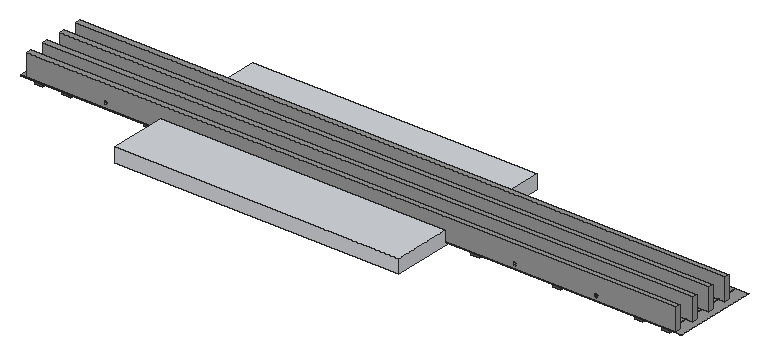
Revit family "1414-4, Solid", category Generic Models, host Face, Revit 2020
Family settings
  Host = Face
  Can host rebar = No
  Round Connector Dimension = Use Diameter
  Part Type = Normal
  Cut with Voids When Loaded = No
  Shared = No
  Room Calculation Point = No
Parameters
  min_value [instance] = 2' - 4"  # constant formula
  max_value [instance] = 11' - 11 1/4"  # constant formula
  actual_value [instance] = if(NET LENGTH < min_value, min_value, if(NET LENGTH > max_value, max_value, NET LENGTH))  # 7' - 11 1/4"
  SCRIM MATERIAL [instance] = SCRIM
  SCRIM APPEARANCE [instance] = yes
  NET LENGTH [instance] = 7' - 11 1/4"
  IMPORTANT NOTE!!!                                                                             *Backer & dowel layout is for visualization purposes only, final layout to be determined by 9Wood. [instance] = ""
  Default Elevation = 4' - 0"
  DOWEL RADIUS [instance] = 0' - 0 1/4"  # constant formula
  BACKER & DOWEL MATERIAL [instance] = BLACK-BACKERS
  .. MEMBER WIDTH [instance] = 0' - 0 3/4"  # constant formula
  .. MEMBER MATERIAL [instance] = Solid Western Hemlock
  .. MEMBER DEPTH [instance] = 0' - 3 1/4"  # constant formula
  .. MEMBER COUNT [instance] = 4  # constant formula
Reference planes (in)
  plane 1 "Center (Front/Back)": y = 0
  plane 2: z = 0
  plane 3 "Center (Left/Right)": x = 0
Forms (in)
  Extrusion 1, solid
    sketch origin (0, 0, 0) x (1, 0, 0) y (0, 1, 0)
      loop
        line (-24.24823, 14.63962) -> (-24.24823, -10.69266) -> (17.36192, -10.69266) -> (17.36192, 14.63962) -> (-24.24823, 14.63962)
    from 0 to 2.0625
Dimensions and locks (in)
  aligned and locked: plane 2 to Extrusion 1
Nested families (in)
  nested 1: "1400 series" at (-44.01308, -2.1224, 0.00189), NET LENGTH <- "actual_value", .. MEMBER DEPTH <- ".. MEMBER DEPTH", .. MEMBER WIDTH <- ".. MEMBER WIDTH", DOWEL RADIUS <- "DOWEL RADIUS", BACKER & DOWEL MATERIAL <- "BACKER & DOWEL MATERIAL", .. MEMBER MATERIAL <- ".. MEMBER MATERIAL", SCRIM MATERIAL <- "SCRIM MATERIAL", MEMBER COUNT <- ".. MEMBER COUNT", SCRIM APPEARANCE <- "SCRIM APPEARANCE", type "1400 series"
    with X 7' - 8", SCRIM MATERIAL SCRIM, SCRIM LENGTH 8' - 1", SCRIM APPEARANCE yes, SCRIM 2 0' - 0 7/8", SCRIM 1 0' - 0 3/32", OC TYP 1' - 0", NET LENGTH 7' - 11 1/4", N 8, MEMBER COUNT 4, INSET 2 0' - 0 3/16", INSET 0' - 1", HALF MEMBER WIDTH 0' - 0 3/8", END BACKER yes, DOWEL RADIUS 0' - 0 1/4", DOWEL INDEX 0' - 11 5/8", DOWEL COUNT 7, BACKING M COUNT 8, BACKER WIDTH 0' - 1 1/4", BACKER INDEX 0' - 5 5/8", BACKER DEPTH 0' - 0 1/2", BACKER & DOWEL MATERIAL BLACK-BACKERS, BACKER &  DOWEL LENGTH 0' - 11 7/8", .. MEMBER WIDTH 0' - 0 3/4", .. MEMBER OC TYP 0' - 3", .. MEMBER MATERIAL Solid Western Hemlock, .. MEMBER DEPTH 0' - 3 1/4"
Definition of nested family "1400 series"
  Parameters (values of type "1400 series")
    X [instance] = NET LENGTH - 0' 3 1/4"  # 7' - 2"
    SCRIM MATERIAL [instance] = none
    SCRIM APPEARANCE [instance] = yes
    SCRIM 2 [instance] = 0' - 0 7/8"  # constant formula
    SCRIM 1 [instance] = 0' - 0 3/32"  # constant formula
    OC TYP [instance] = 1' - 0"  # constant formula
    N [instance] = if((X - (rounddown(X / 1' 0") * 1' 0")) > 1' 0", rounddown(X / 1' 0") + 2, rounddown(X / 1' 0") + 1)  # 8
    MEMBER COUNT [instance] = 2
    INSET 5 = 0' - 0 11/16"  # constant formula
    INSET 2 [instance] = 0' - 0 3/16"  # constant formula
    INSET [instance] = 0' - 1"  # constant formula
    END BACKER [instance] = BACKER INDEX > 0' 3 5/8"  # no
    HALF MEMBER WIDTH [instance] = .. MEMBER WIDTH / 2  # 0' - 1 1/8"
    Default Elevation = 0' - 0"
    DOWEL RADIUS [instance] = 0' - 0 1/4"
    DOWEL INDEX [instance] = BACKER INDEX + 0' 6"  # 0' - 8 5/8"
    DOWEL COUNT [instance] = N - 1  # 7
    BACKER WIDTH [instance] = 0' - 1 1/4"  # constant formula
    BACKER INDEX [instance] = (NET LENGTH - ((N - 1) * 1' 0")) / 2  # 0' - 2 5/8"
    BACKER DEPTH [instance] = 0' - 0 1/2"  # constant formula
    BACKING M COUNT [instance] = N  # 8
    BACKER & DOWEL MATERIAL [instance] = none
    BACKER &  DOWEL LENGTH [instance] = 0' - 11 7/8"  # constant formula
    SCRIM LENGTH [instance] = NET LENGTH + (SCRIM 2 * 2)  # 7' - 7"
    .. MEMBER WIDTH [instance] = 0' - 2 1/4"
    .. MEMBER OC TYP [instance] = 1' 0" / MEMBER COUNT  # 0' - 6"
    .. MEMBER MATERIAL [instance] = none
    NET LENGTH [instance] = 7' - 5 1/4"
    .. MEMBER DEPTH [instance] = 0' - 4"
  Reference planes (in)
    plane 1 "Center (Front/Back)": y = 0
    plane 2: z = 0
    plane 3 "Center (Left/Right)": x = 0
    plane 4: x = 89.25
    plane 5: x = 1
    plane 6: x = 88.25
    plane 7: x = 2.625
    plane 8: x = 8.625
    plane 9: x = 14.625
    plane 10: x = 20.625
    plane 11: y = 0.1875
    plane 12: y = 1.125
    plane 13: y = 7.125
    plane 14: y = 12.0625
    plane 15: x = 90.125
    plane 16: x = -0.875
    plane 17: y = 12.15625
    plane 18: y = -0.09375
    plane 19: z = 2.7097
    plane 20: z = 0.49811
    plane 21: z = 0.56061
    plane 22: z = 1.24811
  Lines and regions (in)
    model lines, not visible
      curve 1: line (8.625, 0, 0.99811) -> (8.625, 0, 1.49811)
      curve 2: line (8.625, 0, 1.49811) -> (8.375, 0, 1.24811)
      curve 3: line (8.375, 0, 1.24811) -> (8.875, 0, 1.24811)
      curve 4: line (20.625, 0, 0.99811) -> (20.625, 0, 1.49811)
      curve 5: line (20.625, 0, 1.49811) -> (20.375, 0, 1.24811)
      curve 6: line (20.375, 0, 1.24811) -> (20.875, 0, 1.24811)
      curve 7: line (32.625, 0, 0.99811) -> (32.625, 0, 1.49811)
      curve 8: line (32.625, 0, 1.49811) -> (32.375, 0, 1.24811)
      curve 9: line (32.375, 0, 1.24811) -> (32.875, 0, 1.24811)
      curve 10: line (44.625, 0, 0.99811) -> (44.625, 0, 1.49811)
      curve 11: line (44.625, 0, 1.49811) -> (44.375, 0, 1.24811)
      curve 12: line (44.375, 0, 1.24811) -> (44.875, 0, 1.24811)
      curve 13: line (56.625, 0, 0.99811) -> (56.625, 0, 1.49811)
      curve 14: line (56.625, 0, 1.49811) -> (56.375, 0, 1.24811)
      curve 15: line (56.375, 0, 1.24811) -> (56.875, 0, 1.24811)
      curve 16: line (68.625, 0, 0.99811) -> (68.625, 0, 1.49811)
      curve 17: line (68.625, 0, 1.49811) -> (68.375, 0, 1.24811)
      curve 18: line (68.375, 0, 1.24811) -> (68.875, 0, 1.24811)
      curve 19: line (80.625, 0, 0.99811) -> (80.625, 0, 1.49811)
      curve 20: line (80.625, 0, 1.49811) -> (80.375, 0, 1.24811)
      curve 21: line (80.375, 0, 1.24811) -> (80.875, 0, 1.24811)
  Dimensions and locks (in)
    "INSET": plane 3 "Center (Left/Right)" to plane 5
    "NET LENGTH": plane 3 "Center (Left/Right)" to plane 4
    "INSET": plane 6 to plane 4
    "BACKER INDEX": plane 3 "Center (Left/Right)" to plane 7
    "DOWEL INDEX": plane 3 "Center (Left/Right)" to plane 8
    "OC TYP": plane 7 to plane 9
    "OC TYP": plane 8 to plane 10
    "INSET 2": plane 1 "Center (Front/Back)" to plane 11
    equal spacing: group 1, group 2, group 5, group 6, group 7, group 13, group 14, group 16  (x3)
    equal spacing: group 3, group 4, group 8, group 9, group 10, group 15, group 17  (x3)
    group 11 to group 12 = 0' - 0"  (x2)
    group 11 to group 12 = 0' - 6"
    ".. MEMBER OC TYP": plane 13 to plane 12
    "HALF MEMBER WIDTH": plane 1 "Center (Front/Back)" to plane 12
    "SCRIM 2": plane 16 to plane 3 "Center (Left/Right)"
    "SCRIM 2": plane 4 to plane 15
    "SCRIM 1": plane 18 to plane 1 "Center (Front/Back)"
    "SCRIM 1": plane 17 to plane 14
    "INSET 5": plane 22 to plane 21
    aligned and locked: level to plane 2
    aligned and locked: plane 7 to nested 2
    aligned and locked: plane 5 to nested 1
    aligned and locked: plane 9 to nested 3
    aligned and locked: nested 1 to plane 5
    aligned and locked: nested 2 to plane 11
    aligned and locked: nested 1 to plane 11
    aligned and locked: nested 3 to plane 11
    aligned and locked: nested 4 to plane 11  (x2)
    aligned and locked: plane 10 to nested 5
    aligned and locked: plane 6 to nested 12
    aligned and locked: nested 5 to plane 11
    aligned and locked: plane 11 to nested 12
    aligned and locked: plane 12 to nested 13
    aligned and locked: nested 14 to plane 13
    aligned and locked: plane 14 to nested 8
    aligned and locked: plane 16 to nested 15
    aligned and locked: nested 15 to plane 18
    aligned and locked: nested 15 to plane 17
    aligned and locked: nested 15 to plane 16  (x2)
    aligned and locked: nested 1 to level
    aligned and locked: level to nested 3
    aligned and locked: plane 20 to nested 2
    aligned and locked: plane 20 to nested 1
    aligned and locked: plane 20 to nested 3
    aligned and locked: nested 12 to plane 20
    aligned and locked: nested 15 to plane 20
    aligned and locked: plane 21 to nested 15
    aligned and locked: nested 13 to plane 21
    aligned and locked: plane 22 to nested 4
    aligned and locked: plane 22 to nested 5
    aligned and locked: nested 13 to plane 8
    aligned and locked: plane 10 to nested 13
    aligned and locked: curve 1 to nested 13
    aligned and locked: nested 13 to curve 4
  Automatic sketch dimensions
    curve 3 to curve 1 = 0' - 0 1/4"  (x2)
    curve 1 to curve 3 = 0' - 0 1/4"
    curve 1 to curve 2 = 0' - 0 1/4"
    curve 6 to curve 4 = 0' - 0 1/4"  (x2)
    curve 4 to curve 6 = 0' - 0 1/4"
    curve 4 to curve 5 = 0' - 0 1/4"
    curve 9 to curve 7 = 0' - 0 1/4"  (x2)
    curve 7 to curve 9 = 0' - 0 1/4"
    curve 7 to curve 8 = 0' - 0 1/4"
    curve 12 to curve 10 = 0' - 0 1/4"  (x2)
    curve 10 to curve 12 = 0' - 0 1/4"
    curve 10 to curve 11 = 0' - 0 1/4"
    curve 15 to curve 13 = 0' - 0 1/4"  (x2)
    curve 13 to curve 15 = 0' - 0 1/4"
    curve 13 to curve 14 = 0' - 0 1/4"
    curve 18 to curve 16 = 0' - 0 1/4"  (x2)
    curve 16 to curve 18 = 0' - 0 1/4"
    curve 16 to curve 17 = 0' - 0 1/4"
    curve 21 to curve 19 = 0' - 0 1/4"  (x2)
    curve 19 to curve 21 = 0' - 0 1/4"
    curve 19 to curve 20 = 0' - 0 1/4"
  Nested families (in)
    nested 1: "INSTANCE - 3RD -  EXTEND BOTH SIDES - Parametric Cube.0001" at (1, 0.1875, 0.49811), Length <- "BACKER &  DOWEL LENGTH", Width <- "BACKER WIDTH", Height <- "BACKER DEPTH", Material <- "BACKER & DOWEL MATERIAL", visible <- "END BACKER", type "INSTANCE - 3RD -  EXTEND BOTH SIDES - Parametric Cube.0001"
      with Width 0' - 1 1/4", Material none, Length 0' - 11 7/8", Height 0' - 0 1/2"
    nested 2: "INSTANCE - 2ND -  EXTEND SIDE H CENTER W - Parametric Cube.0001" at (2.625, 0.1875, 0.49811), Width <- "BACKER WIDTH", Length <- "BACKER &  DOWEL LENGTH", Height <- "BACKER DEPTH", Material <- "BACKER & DOWEL MATERIAL", type "INSTANCE - 2ND -  EXTEND SIDE H CENTER W - Parametric Cube.0001"
      with Width 0' - 1 1/4", Material none, Length 0' - 11 7/8", Height 0' - 0 1/2"
    nested 3: "INSTANCE - 2ND -  EXTEND SIDE H CENTER W - Parametric Cube.0001" at (14.625, 0.1875, 0.49811), Width <- "BACKER WIDTH", Length <- "BACKER &  DOWEL LENGTH", Height <- "BACKER DEPTH", Material <- "BACKER & DOWEL MATERIAL", type "INSTANCE - 2ND -  EXTEND SIDE H CENTER W - Parametric Cube.0001"
      with Width 0' - 1 1/4", Material none, Length 0' - 11 7/8", Height 0' - 0 1/2"
    nested 4: "DOWEL" at (-1.375, 0.1875, 1.24811), DOWEL LENGTH <- "BACKER &  DOWEL LENGTH", DOWEL RADII <- "DOWEL RADIUS", BACKING MEM MATERIAL <- "BACKER & DOWEL MATERIAL", type "DOWEL"
      with DOWEL RADII 0' - 0 1/4", DOWEL LENGTH 0' - 11 7/8", BACKING MEM MATERIAL none
    nested 5: "DOWEL" at (10.625, 0.1875, 1.24811), DOWEL LENGTH <- "BACKER &  DOWEL LENGTH", DOWEL RADII <- "DOWEL RADIUS", BACKING MEM MATERIAL <- "BACKER & DOWEL MATERIAL", type "DOWEL"
      with DOWEL RADII 0' - 0 1/4", DOWEL LENGTH 0' - 11 7/8", BACKING MEM MATERIAL none
    nested 6: "INSTANCE - 2ND -  EXTEND SIDE H CENTER W - Parametric Cube.0001" at (26.625, 0.1875, 0.49811), Width <- "BACKER WIDTH", Length <- "BACKER &  DOWEL LENGTH", Height <- "BACKER DEPTH", Material <- "BACKER & DOWEL MATERIAL", type "INSTANCE - 2ND -  EXTEND SIDE H CENTER W - Parametric Cube.0001"
      with Width 0' - 1 1/4", Material none, Length 0' - 11 7/8", Height 0' - 0 1/2"
    nested 7: "INSTANCE - 2ND -  EXTEND SIDE H CENTER W - Parametric Cube.0001" at (38.625, 0.1875, 0.49811), Width <- "BACKER WIDTH", Length <- "BACKER &  DOWEL LENGTH", Height <- "BACKER DEPTH", Material <- "BACKER & DOWEL MATERIAL", type "INSTANCE - 2ND -  EXTEND SIDE H CENTER W - Parametric Cube.0001"
      with Width 0' - 1 1/4", Material none, Length 0' - 11 7/8", Height 0' - 0 1/2"
    nested 8: "INSTANCE - 2ND -  EXTEND SIDE H CENTER W - Parametric Cube.0001" at (50.625, 0.1875, 0.49811), Width <- "BACKER WIDTH", Length <- "BACKER &  DOWEL LENGTH", Height <- "BACKER DEPTH", Material <- "BACKER & DOWEL MATERIAL", type "INSTANCE - 2ND -  EXTEND SIDE H CENTER W - Parametric Cube.0001"
      with Width 0' - 1 1/4", Material none, Length 0' - 11 7/8", Height 0' - 0 1/2"
    nested 9: "DOWEL" at (22.625, 0.1875, 1.24811), DOWEL LENGTH <- "BACKER &  DOWEL LENGTH", DOWEL RADII <- "DOWEL RADIUS", BACKING MEM MATERIAL <- "BACKER & DOWEL MATERIAL", type "DOWEL"
      with DOWEL RADII 0' - 0 1/4", DOWEL LENGTH 0' - 11 7/8", BACKING MEM MATERIAL none
    nested 10: "DOWEL" at (34.625, 0.1875, 1.24811), DOWEL LENGTH <- "BACKER &  DOWEL LENGTH", DOWEL RADII <- "DOWEL RADIUS", BACKING MEM MATERIAL <- "BACKER & DOWEL MATERIAL", type "DOWEL"
      with DOWEL RADII 0' - 0 1/4", DOWEL LENGTH 0' - 11 7/8", BACKING MEM MATERIAL none
    nested 11: "DOWEL" at (46.625, 0.1875, 1.24811), DOWEL LENGTH <- "BACKER &  DOWEL LENGTH", DOWEL RADII <- "DOWEL RADIUS", BACKING MEM MATERIAL <- "BACKER & DOWEL MATERIAL", type "DOWEL"
      with DOWEL RADII 0' - 0 1/4", DOWEL LENGTH 0' - 11 7/8", BACKING MEM MATERIAL none
    nested 12: "INSTANCE - 3RD -  EXTEND BOTH SIDES - Parametric Cube.0001" at (88.25, 0.1875, 0.49811) x (-1, 0, 0) z (0, 0, 1), Width <- "BACKER WIDTH", Length <- "BACKER &  DOWEL LENGTH", Height <- "BACKER DEPTH", Material <- "BACKER & DOWEL MATERIAL", visible <- "END BACKER", type "INSTANCE - 3RD -  EXTEND BOTH SIDES - Parametric Cube.0001"
      with Width 0' - 1 1/4", Material none, Length 0' - 11 7/8", Height 0' - 0 1/2"
    nested 13: "HOLED MEMBER" at (0, -9.75, 8.12965), DOWEL INDEX <- "DOWEL INDEX", .. MEMBER LENGTH <- "NET LENGTH", .. MEMBER WIDTH <- ".. MEMBER WIDTH", DOWEL OC DIST <- "OC TYP", DOWEL RADII <- "DOWEL RADIUS", Material <- ".. MEMBER MATERIAL", DEPTH <- ".. MEMBER DEPTH", DOWEL COUNT <- "DOWEL COUNT", Space <- "INSET 5", type "HOLED MEMBER"
      with Space 0' - 0 11/16", Material none, Height 0' - 10.43096", HALF MEMBER WIDTH 0' - 1 1/8", DOWEL RADII 0' - 0 1/4", DOWEL OC DIST 1' - 0", DOWEL INDEX 0' - 8 5/8", DOWEL COUNT 7, DEPTH 0' - 4", .. MEMBER WIDTH 0' - 2 1/4", .. MEMBER LENGTH 7' - 5 1/4"
    nested 14: "HOLED MEMBER" at (0, -3.75, 8.12965), DOWEL INDEX <- "DOWEL INDEX", .. MEMBER LENGTH <- "NET LENGTH", .. MEMBER WIDTH <- ".. MEMBER WIDTH", DOWEL OC DIST <- "OC TYP", DOWEL RADII <- "DOWEL RADIUS", Material <- ".. MEMBER MATERIAL", DEPTH <- ".. MEMBER DEPTH", DOWEL COUNT <- "DOWEL COUNT", Space <- "INSET 5", type "HOLED MEMBER"
      with Space 0' - 0 11/16", Material none, Height 0' - 10.43096", HALF MEMBER WIDTH 0' - 1 1/8", DOWEL RADII 0' - 0 1/4", DOWEL OC DIST 1' - 0", DOWEL INDEX 0' - 8 5/8", DOWEL COUNT 7, DEPTH 0' - 4", .. MEMBER WIDTH 0' - 2 1/4", .. MEMBER LENGTH 7' - 5 1/4"
    nested 15: "INSTANCE - 3RD -  EXTEND BOTH SIDES - Parametric Cube.0001" at (-0.875, -0.09375, 0.56061), Width <- "SCRIM LENGTH", Material <- "SCRIM MATERIAL", visible <- "SCRIM APPEARANCE", type "INSTANCE - 3RD -  EXTEND BOTH SIDES - Parametric Cube.0001"
      with Width 7' - 7", Material none, Length 1' - 0 1/4", Height 0' - 0 1/16"
    nested 16: "INSTANCE - 2ND -  EXTEND SIDE H CENTER W - Parametric Cube.0001" at (62.625, 0.1875, 0.49811), Width <- "BACKER WIDTH", Length <- "BACKER &  DOWEL LENGTH", Height <- "BACKER DEPTH", Material <- "BACKER & DOWEL MATERIAL", type "INSTANCE - 2ND -  EXTEND SIDE H CENTER W - Parametric Cube.0001"
      with Width 0' - 1 1/4", Material none, Length 0' - 11 7/8", Height 0' - 0 1/2"
    nested 17: "INSTANCE - 2ND -  EXTEND SIDE H CENTER W - Parametric Cube.0001" at (74.625, 0.1875, 0.49811), Width <- "BACKER WIDTH", Length <- "BACKER &  DOWEL LENGTH", Height <- "BACKER DEPTH", Material <- "BACKER & DOWEL MATERIAL", type "INSTANCE - 2ND -  EXTEND SIDE H CENTER W - Parametric Cube.0001"
      with Width 0' - 1 1/4", Material none, Length 0' - 11 7/8", Height 0' - 0 1/2"
    nested 18: "DOWEL" at (58.625, 0.1875, 1.24811), DOWEL LENGTH <- "BACKER &  DOWEL LENGTH", DOWEL RADII <- "DOWEL RADIUS", BACKING MEM MATERIAL <- "BACKER & DOWEL MATERIAL", type "DOWEL"
      with DOWEL RADII 0' - 0 1/4", DOWEL LENGTH 0' - 11 7/8", BACKING MEM MATERIAL none
    nested 19: "INSTANCE - 2ND -  EXTEND SIDE H CENTER W - Parametric Cube.0001" at (86.625, 0.1875, 0.49811), Width <- "BACKER WIDTH", Length <- "BACKER &  DOWEL LENGTH", Height <- "BACKER DEPTH", Material <- "BACKER & DOWEL MATERIAL", type "INSTANCE - 2ND -  EXTEND SIDE H CENTER W - Parametric Cube.0001"
      with Width 0' - 1 1/4", Material none, Length 0' - 11 7/8", Height 0' - 0 1/2"
    nested 20: "DOWEL" at (70.625, 0.1875, 1.24811), DOWEL LENGTH <- "BACKER &  DOWEL LENGTH", DOWEL RADII <- "DOWEL RADIUS", BACKING MEM MATERIAL <- "BACKER & DOWEL MATERIAL", type "DOWEL"
      with DOWEL RADII 0' - 0 1/4", DOWEL LENGTH 0' - 11 7/8", BACKING MEM MATERIAL none
  Definition of nested family "INSTANCE - 3RD -  EXTEND BOTH SIDES - Parametric Cube.0001"
    Parameters (values of type "INSTANCE - 3RD -  EXTEND BOTH SIDES - Parametric Cube.0001")
      Width [instance] = 0' - 6"
      Material [instance] = none
      Length [instance] = 1' - 0"
      Height [instance] = 1' - 6"
      Default Elevation = 0' - 0"
    Reference planes (in)
      plane 1 "Center (Front/Back)": y = 0
      plane 2: z = 0
      plane 3 "Center (Left/Right)": x = 0
      plane 4: x = 6
      plane 5: y = 12
      plane 6: z = -18
    Forms (in)
      Extrusion 1, solid, material <- "Material"
        sketch origin (0, 6, 0) x (1, 0, 0) y (0, 1, 0)
          loop
            line (0, 6) -> (0, -6) -> (6, -6) -> (6, 6) -> (0, 6)
        from -18 to 0
    Dimensions and locks (in)
      "Height": plane 6 to level
      "Length": plane 1 "Center (Front/Back)" to plane 5
      "Width": plane 3 "Center (Left/Right)" to plane 4
      aligned and locked: plane 2 to level
      aligned and locked: Extrusion 1 sketch curve to plane 4
      aligned and locked: Extrusion 1 to plane 6
      aligned and locked: plane 5 to Extrusion 1
      aligned and locked: Extrusion 1 to plane 3 "Center (Left/Right)"
    Automatic sketch dimensions
      plane 1 "Center (Front/Back)" to Extrusion 1 sketch curve = 0' - 0"
      plane 5 to Extrusion 1 sketch curve = 0' - 0"
      Extrusion 1 sketch curve to plane 3 "Center (Left/Right)" = 0' - 0"
  Definition of nested family "INSTANCE - 2ND -  EXTEND SIDE H CENTER W - Parametric Cube.0001"
    Parameters (values of type "INSTANCE - 2ND -  EXTEND SIDE H CENTER W - Parametric Cube.0001")
      Width [instance] = 0' - 6"
      Material [instance] = none
      Length [instance] = 1' - 0"
      Height [instance] = 1' - 6"
      Default Elevation = 0' - 0"
    Reference planes (in)
      plane 1 "Center (Front/Back)": y = 0
      plane 2: z = 0
      plane 3 "Center (Left/Right)": x = 0
      plane 4: x = -3
      plane 5: x = 3
      plane 6: y = 12
      plane 7: z = -18
    Forms (in)
      Extrusion 1, solid, material <- "Material"
        sketch origin (0, 6, 0) x (1, 0, 0) y (0, 1, 0)
          loop
            line (-3, 6) -> (-3, -6) -> (3, -6) -> (3, 6) -> (-3, 6)
        from -18 to 0
    Dimensions and locks (in)
      equal spacing: plane 4, plane 3 "Center (Left/Right)", plane 5
      "Width": plane 4 to plane 5
      "Height": plane 7 to level
      "Length": plane 1 "Center (Front/Back)" to plane 6
      aligned and locked: plane 2 to level
      aligned and locked: plane 4 to Extrusion 1 sketch curve
      aligned and locked: Extrusion 1 sketch curve to plane 5
      aligned and locked: Extrusion 1 to plane 7
      aligned and locked: plane 6 to Extrusion 1
    Automatic sketch dimensions
      plane 1 "Center (Front/Back)" to Extrusion 1 sketch curve = 0' - 0"
      plane 6 to Extrusion 1 sketch curve = 0' - 0"
  Definition of nested family "DOWEL"
    Parameters (values of type "DOWEL")
      Default Elevation = 0' - 0"
      DOWEL RADII [instance] = 0' - 0 5/8"
      DOWEL LENGTH [instance] = 1' - 0"
      BACKING MEM MATERIAL [instance] = none
    Reference planes (in)
      plane 1 "Center (Front/Back)": y = 0
      plane 2: z = 0
      plane 3 "Center (Left/Right)": x = 0
      plane 4: y = 12
    Forms (in)
      Extrusion 1, solid, material <- "BACKING MEM MATERIAL"
        sketch origin (10, 0, 0) x (1, 0, 0) y (0, 0, 1)
          loop
            circle (0, 0) r 0.625
        from 0 to -12
      Extrusion 2, solid, not visible
        sketch origin (0, 0, 0) x (1, 0, 0) y (0, 0, 1)
          loop
            circle (0, 0) r 0.625
        from 0 to 12
      Extrusion 3, solid, not visible
        sketch origin (10, 0, 0) x (1, 0, 0) y (0, 0, 1)
          loop
            circle (0, 0) r 0.625
        from 0 to 2.5
      Extrusion 4, solid, not visible
        sketch origin (10, 0, 0) x (1, 0, 0) y (0, 0, 1)
          loop
            circle (0, 0) r 0.625
        from 0 to -12
    Lines and regions (in)
      model lines, not visible
        curve 1: line (-13, 0, 0) -> (-13, -12, 0)
        curve 2: line (13, 0, 0) -> (13, -12, 0)
        curve 3: line (9.89453, 0, 0) -> (10.08794, 0, 0)
        curve 4: line (9.89453, -2.5, 0) -> (10.08794, -2.5, 0)
        curve 6: line (10, 0, 0) -> (10, 2, 0)
      model lines
        curve 5: line (10, 0, 0) -> (10, 2, 0)
    Dimensions and locks (in)
      "DOWEL LENGTH": plane 1 "Center (Front/Back)" to plane 4
      "DOWEL RADII": radius of Extrusion 1 sketch curve
      "DOWEL RADII": radius of Extrusion 2 sketch curve
      "DOWEL RADII": radius of Extrusion 3 sketch curve
      "DOWEL RADII": radius of Extrusion 4 sketch curve
      "DOWEL RADII": radius of Extrusion 1
      aligned and locked: plane 2 to level
      aligned and locked: Extrusion 1 to plane 1 "Center (Front/Back)"  (x3)
      aligned and locked: plane 1 "Center (Front/Back)" to Extrusion 1
      aligned and locked: plane 4 to Extrusion 1
    Automatic sketch dimensions
      plane 1 "Center (Front/Back)" to curve 5 = 0' - 0"
      curve 5 to plane 1 "Center (Front/Back)" = 0' - 2"
      plane 3 "Center (Left/Right)" to curve 5 = 0' - 10"
      Extrusion 1 sketch curve to level = 0' - 0"
      plane 3 "Center (Left/Right)" to Extrusion 1 sketch curve = 0' - 10"
  Definition of nested family "HOLED MEMBER"
    Parameters (values of type "HOLED MEMBER")
      Space [instance] = 0' - 0 5/8"
      Material [instance] = none
      Height [instance] = 0' - 10.43096"
      HALF MEMBER WIDTH [instance] = .. MEMBER WIDTH / 2  # 0' - 0 5/16"
      Default Elevation = 0' - 0"
      DOWEL RADII [instance] = 0' - 0.34537"
      DOWEL OC DIST [instance] = 1' - 0"
      DOWEL INSET = 0' - 0 5/8"
      DOWEL INDEX [instance] = 0' - 5 5/8"
      DOWEL COUNT [instance] = 6
      DEPTH [instance] = 0' - 2"
      .. MEMBER WIDTH [instance] = 0' - 0 5/8"
      .. MEMBER LENGTH [instance] = 5' - 11 3/4"
    Reference planes (in)
      plane 1 "Center (Front/Back)": y = 12
      plane 2: z = -7.56904
      plane 3 "Center (Left/Right)": x = 0
      plane 4: x = 5.625
      plane 5: x = 17.625
      plane 6: y = 11.375
      plane 7: x = 71.75
      plane 8: y = 11.6875
      plane 9: z = -6.94404
      plane 10: z = -5.56904
    Forms (in)
      Extrusion 1, solid, material <- "Material"
        sketch origin (0, 12, -13.56904) x (1, 0, 0) y (0, 0, 1)
          loop
            line (0, 6) -> (71.75, 6) -> (71.75, 8) -> (0, 8) -> (0, 6)
        from 0.625 to 0
      Extrusion 2, void
        sketch origin (0, 12, -18.31904) x (1, 0, 0) y (0, 0, 1)
          loop
            circle (5.625, 11.375) r 0.34537
        from 0 to 12
      Extrusion 3, void, not visible
        sketch origin (0, 0, 0) x (1, 0, 0) y (0, 1, 0)
          loop
            circle (5.625, 11.375) r 0.34537
        from 0 to 12
      Extrusion 4, void, not visible
        sketch origin (0, 0, 0) x (1, 0, 0) y (0, 1, 0)
          loop
            circle (5.625, 11.375) r 0.34537
        from 0 to 12
      Extrusion 5, void, not visible
        sketch origin (12, 0, 0) x (1, 0, 0) y (0, 1, 0)
          loop
            circle (5.625, 11.375) r 0.34537
        from 0 to 12
      Extrusion 6, void, not visible
        sketch origin (0, 12, -17.56904) x (1, 0, 0) y (0, 0, 1)
          loop
            circle (5.625, 11.375) r 0.34537
        from 0 to 12
      Extrusion 7, void, not visible
        sketch origin (12, 12, -17.56904) x (1, 0, 0) y (0, 0, 1)
          loop
            circle (5.625, 11.375) r 0.34537
        from 0 to 12
      Extrusion 8, void, not visible
        sketch origin (0, 12, -19.56904) x (1, 0, 0) y (0, 0, 1)
          loop
            circle (5.625, 11.375) r 0.34537
        from 0 to 12
      Extrusion 9, void
        sketch origin (12, 12, -18.31904) x (1, 0, 0) y (0, 0, 1)
          loop
            circle (5.625, 11.375) r 0.34537
        from 0 to 12
      Extrusion 10, void
        sketch origin (24, 12, -18.31904) x (1, 0, 0) y (0, 0, 1)
          loop
            circle (5.625, 11.375) r 0.34537
        from 0 to 12
      Extrusion 11, void
        sketch origin (36, 12, -18.31904) x (1, 0, 0) y (0, 0, 1)
          loop
            circle (5.625, 11.375) r 0.34537
        from 0 to 12
      Extrusion 12, void
        sketch origin (48, 12, -18.31904) x (1, 0, 0) y (0, 0, 1)
          loop
            circle (5.625, 11.375) r 0.34537
        from 0 to 12
      Extrusion 13, void
        sketch origin (60, 12, -18.31904) x (1, 0, 0) y (0, 0, 1)
          loop
            circle (5.625, 11.375) r 0.34537
        from 0 to 12
      Extrusion 14, void, not visible
        sketch origin (24, 12, -17.56904) x (1, 0, 0) y (0, 0, 1)
          loop
            circle (5.625, 11.375) r 0.34537
        from 0 to 12
      Extrusion 15, void, not visible
        sketch origin (36, 12, -17.56904) x (1, 0, 0) y (0, 0, 1)
          loop
            circle (5.625, 11.375) r 0.34537
        from 0 to 12
      Extrusion 16, void, not visible
        sketch origin (48, 12, -17.56904) x (1, 0, 0) y (0, 0, 1)
          loop
            circle (5.625, 11.375) r 0.34537
        from 0 to 12
      Extrusion 17, void, not visible
        sketch origin (60, 12, -17.56904) x (1, 0, 0) y (0, 0, 1)
          loop
            circle (5.625, 11.375) r 0.34537
        from 0 to 12
      Extrusion 18, void, not visible
        sketch origin (24, 0, 0) x (1, 0, 0) y (0, 1, 0)
          loop
            circle (5.625, 11.375) r 0.34537
        from 0 to 12
      Extrusion 19, void, not visible
        sketch origin (36, 0, 0) x (1, 0, 0) y (0, 1, 0)
          loop
            circle (5.625, 11.375) r 0.34537
        from 0 to 12
      Extrusion 20, void, not visible
        sketch origin (48, 0, 0) x (1, 0, 0) y (0, 1, 0)
          loop
            circle (5.625, 11.375) r 0.34537
        from 0 to 12
      Extrusion 21, void, not visible
        sketch origin (60, 0, 0) x (1, 0, 0) y (0, 1, 0)
          loop
            circle (5.625, 11.375) r 0.34537
        from 0 to 12
    Cuts and joins
      Extrusion 2, Extrusion 9, Extrusion 10, Extrusion 11, Extrusion 12, Extrusion 13 cuts Extrusion 1
    Lines and regions (in)
      model lines, not visible
        curve 1: line (5.625, 11.72037, 0) -> (5.625, 11.02963, 0)
        curve 2: line (5.625, 11.72037, 0) -> (5.625, 11.02963, 0)
        curve 3: line (17.625, 11.72037, 0) -> (17.625, 11.02963, 0)
        curve 4: line (5.625, 12, -7.56904) -> (5.625, 11.87317, -7.56904)
        curve 5: line (5.625, 11.87317, -7.56904) -> (5.06195, 11.87317, -7.56904)
        curve 6: line (5.06195, 11.87317, -7.56904) -> (5.27963, 11.375, -7.56904)
        curve 7: line (0, 12, -6.19404) -> (0, 11.61951, -6.19404)
        curve 9: line (0, 11.375, -8.19404) -> (0, 11.6747, -8.19404)
        curve 10: line (5.625, 12, -7.56904) -> (5.625, 11.69863, -7.56904)
        curve 11: line (5.625, 12, -7.56904) -> (5.625, 11.69863, -7.56904)
        curve 12: line (5.625, 10.75, 0) -> (5.625, 10.75, 0.30137)
        curve 13: line (5.625, 10.75, 0) -> (5.625, 10.75, 0.30137)
        curve 14: line (17.625, 10.75, 0) -> (17.625, 10.75, 0.30137)
        curve 15: line (5.625, 12, -6.81904) -> (5.625, 11.69863, -6.81904)
        curve 16: line (17.625, 12, -6.81904) -> (17.625, 11.69863, -6.81904)
        curve 17: line (5.625, 12, -8.81904) -> (5.625, 11.69863, -8.81904)
        curve 18: line (17.625, 12, -7.56904) -> (17.625, 11.69863, -7.56904)
        curve 19: line (29.625, 12, -7.56904) -> (29.625, 11.69863, -7.56904)
        curve 20: line (41.625, 12, -7.56904) -> (41.625, 11.69863, -7.56904)
        curve 21: line (53.625, 12, -7.56904) -> (53.625, 11.69863, -7.56904)
        curve 22: line (65.625, 12, -7.56904) -> (65.625, 11.69863, -7.56904)
        curve 23: line (29.625, 12, -6.81904) -> (29.625, 11.69863, -6.81904)
        curve 24: line (41.625, 12, -6.81904) -> (41.625, 11.69863, -6.81904)
        curve 25: line (53.625, 12, -6.81904) -> (53.625, 11.69863, -6.81904)
        curve 26: line (65.625, 12, -6.81904) -> (65.625, 11.69863, -6.81904)
        curve 27: line (29.625, 11.72037, 0) -> (29.625, 11.02963, 0)
        curve 28: line (29.625, 10.75, 0) -> (29.625, 10.75, 0.30137)
        curve 29: line (41.625, 11.72037, 0) -> (41.625, 11.02963, 0)
        curve 30: line (41.625, 10.75, 0) -> (41.625, 10.75, 0.30137)
        curve 31: line (53.625, 11.72037, 0) -> (53.625, 11.02963, 0)
        curve 32: line (53.625, 10.75, 0) -> (53.625, 10.75, 0.30137)
        curve 33: line (65.625, 11.72037, 0) -> (65.625, 11.02963, 0)
        curve 34: line (65.625, 10.75, 0) -> (65.625, 10.75, 0.30137)
        curve 35: line (5.27963, 12, -6.94404) -> (5.97037, 12, -6.94404)
        curve 36: line (5.97037, 12, -6.94404) -> (5.625, 12, -6.59867)
        curve 37: line (5.625, 12, -6.59867) -> (5.625, 12, -7.28941)
        curve 38: line (5.27963, 11.375, 0) -> (5.97037, 11.375, 0)
        curve 39: line (5.97037, 11.375, 0) -> (5.625, 11.72037, 0)
        curve 40: line (5.625, 11.72037, 0) -> (5.625, 11.02963, 0)
        curve 41: line (5.27963, 11.375, 0) -> (5.97037, 11.375, 0)
        curve 42: line (5.97037, 11.375, 0) -> (5.625, 11.72037, 0)
        curve 43: line (5.625, 11.72037, 0) -> (5.625, 11.02963, 0)
        curve 44: line (17.27963, 11.375, 0) -> (17.97037, 11.375, 0)
        curve 45: line (17.97037, 11.375, 0) -> (17.625, 11.72037, 0)
        curve 46: line (17.625, 11.72037, 0) -> (17.625, 11.02963, 0)
        curve 47: line (5.27963, 12, -6.19404) -> (5.97037, 12, -6.19404)
        curve 48: line (5.97037, 12, -6.19404) -> (5.625, 12, -5.84867)
        curve 49: line (5.625, 12, -5.84867) -> (5.625, 12, -6.53941)
        curve 50: line (17.27963, 12, -6.19404) -> (17.97037, 12, -6.19404)
        curve 51: line (17.97037, 12, -6.19404) -> (17.625, 12, -5.84867)
        curve 52: line (17.625, 12, -5.84867) -> (17.625, 12, -6.53941)
        curve 53: line (5.27963, 12, -8.19404) -> (5.97037, 12, -8.19404)
        curve 54: line (5.97037, 12, -8.19404) -> (5.625, 12, -7.84867)
        curve 55: line (5.625, 12, -7.84867) -> (5.625, 12, -8.53941)
        curve 56: line (17.27963, 12, -6.94404) -> (17.97037, 12, -6.94404)
        curve 57: line (17.97037, 12, -6.94404) -> (17.625, 12, -6.59867)
        curve 58: line (17.625, 12, -6.59867) -> (17.625, 12, -7.28941)
        curve 59: line (29.27963, 12, -6.94404) -> (29.97037, 12, -6.94404)
        curve 60: line (29.97037, 12, -6.94404) -> (29.625, 12, -6.59867)
        curve 61: line (29.625, 12, -6.59867) -> (29.625, 12, -7.28941)
        curve 62: line (41.27963, 12, -6.94404) -> (41.97037, 12, -6.94404)
        curve 63: line (41.97037, 12, -6.94404) -> (41.625, 12, -6.59867)
        curve 64: line (41.625, 12, -6.59867) -> (41.625, 12, -7.28941)
        curve 65: line (53.27963, 12, -6.94404) -> (53.97037, 12, -6.94404)
        curve 66: line (53.97037, 12, -6.94404) -> (53.625, 12, -6.59867)
        curve 67: line (53.625, 12, -6.59867) -> (53.625, 12, -7.28941)
        curve 68: line (65.27963, 12, -6.94404) -> (65.97037, 12, -6.94404)
        curve 69: line (65.97037, 12, -6.94404) -> (65.625, 12, -6.59867)
        curve 70: line (65.625, 12, -6.59867) -> (65.625, 12, -7.28941)
        curve 71: line (29.27963, 12, -6.19404) -> (29.97037, 12, -6.19404)
        curve 72: line (29.97037, 12, -6.19404) -> (29.625, 12, -5.84867)
        curve 73: line (29.625, 12, -5.84867) -> (29.625, 12, -6.53941)
        curve 74: line (41.27963, 12, -6.19404) -> (41.97037, 12, -6.19404)
        curve 75: line (41.97037, 12, -6.19404) -> (41.625, 12, -5.84867)
        curve 76: line (41.625, 12, -5.84867) -> (41.625, 12, -6.53941)
        curve 77: line (53.27963, 12, -6.19404) -> (53.97037, 12, -6.19404)
        curve 78: line (53.97037, 12, -6.19404) -> (53.625, 12, -5.84867)
        curve 79: line (53.625, 12, -5.84867) -> (53.625, 12, -6.53941)
        curve 80: line (65.27963, 12, -6.19404) -> (65.97037, 12, -6.19404)
        curve 81: line (65.97037, 12, -6.19404) -> (65.625, 12, -5.84867)
        curve 82: line (65.625, 12, -5.84867) -> (65.625, 12, -6.53941)
        curve 83: line (29.27963, 11.375, 0) -> (29.97037, 11.375, 0)
        curve 84: line (29.97037, 11.375, 0) -> (29.625, 11.72037, 0)
        curve 85: line (29.625, 11.72037, 0) -> (29.625, 11.02963, 0)
        curve 86: line (41.27963, 11.375, 0) -> (41.97037, 11.375, 0)
        curve 87: line (41.97037, 11.375, 0) -> (41.625, 11.72037, 0)
        curve 88: line (41.625, 11.72037, 0) -> (41.625, 11.02963, 0)
        curve 89: line (53.27963, 11.375, 0) -> (53.97037, 11.375, 0)
        curve 90: line (53.97037, 11.375, 0) -> (53.625, 11.72037, 0)
        curve 91: line (53.625, 11.72037, 0) -> (53.625, 11.02963, 0)
        curve 92: line (65.27963, 11.375, 0) -> (65.97037, 11.375, 0)
        curve 93: line (65.97037, 11.375, 0) -> (65.625, 11.72037, 0)
        curve 94: line (65.625, 11.72037, 0) -> (65.625, 11.02963, 0)
      model lines
        curve 8: line (5.625, 12, -7.56904) -> (5.625, 11.69863, -7.56904)
    Dimensions and locks (in)
      "DOWEL INDEX": plane 3 "Center (Left/Right)" to plane 4
      "DOWEL OC DIST": plane 4 to plane 5
      ".. MEMBER LENGTH": plane 3 "Center (Left/Right)" to plane 7
      equal spacing: group 3, group 4, group 21, group 22, group 23, group 24  (x3)
      equal spacing: group 7, group 8, group 17, group 18, group 19, group 20  (x3)
      ".. MEMBER WIDTH": plane 6 to plane 1 "Center (Front/Back)"
      "HALF MEMBER WIDTH": plane 8 to plane 1 "Center (Front/Back)"
      equal spacing: group 1, group 12, group 13, group 14, group 15, group 16  (x2)
      equal spacing: group 16, group 15, group 14, group 13, group 12, group 1
      "DEPTH": plane 10 to level
      "Space": plane 9 to level
      "DOWEL RADII": radius of Extrusion 2 sketch curve
      "DOWEL RADII": radius of Extrusion 3 sketch curve
      "DOWEL RADII": radius of Extrusion 4 sketch curve
      "DOWEL RADII": radius of Extrusion 5 sketch curve
      "DOWEL RADII": radius of Extrusion 6 sketch curve
      "DOWEL RADII": radius of Extrusion 7 sketch curve
      "DOWEL RADII": radius of Extrusion 8 sketch curve
      "DOWEL RADII": radius of Extrusion 9 sketch curve
      "DOWEL RADII": radius of Extrusion 10 sketch curve
      "DOWEL RADII": radius of Extrusion 11 sketch curve
      "DOWEL RADII": radius of Extrusion 12 sketch curve
      "DOWEL RADII": radius of Extrusion 13 sketch curve
      "DOWEL RADII": radius of Extrusion 14 sketch curve
      "DOWEL RADII": radius of Extrusion 15 sketch curve
      "DOWEL RADII": radius of Extrusion 16 sketch curve
      "DOWEL RADII": radius of Extrusion 17 sketch curve
      "DOWEL RADII": radius of Extrusion 18 sketch curve
      "DOWEL RADII": radius of Extrusion 19 sketch curve
      "DOWEL RADII": radius of Extrusion 20 sketch curve
      "DOWEL RADII": radius of Extrusion 21 sketch curve
      aligned and locked: level to plane 2
      aligned and locked: Extrusion 1 to plane 3 "Center (Left/Right)"  (x2)
      aligned and locked: plane 7 to cut or joined group of Extrusion 1, Extrusion 2, Extrusion 9, Extrusion 10, Extrusion 11, Extrusion 12, Extrusion 13  (x2)
      aligned and locked: cut or joined group of Extrusion 1, Extrusion 2, Extrusion 9, Extrusion 10, Extrusion 11, Extrusion 12, Extrusion 13 to plane 1 "Center (Front/Back)"  (x2)
      aligned and locked: cut or joined group of Extrusion 1, Extrusion 2, Extrusion 9, Extrusion 10, Extrusion 11, Extrusion 12, Extrusion 13 to plane 6  (x2)
      aligned and locked: plane 4 to curve 11
      aligned and locked: curve 18 to plane 5
      aligned and locked: plane 4 to group 1
      aligned and locked: group 12 to plane 5
      aligned and locked: curve 35 to plane 9
      aligned and locked: plane 4 to curve 37
      aligned and locked: curve 56 to plane 9
      aligned and locked: curve 58 to plane 5
      aligned and locked: plane 10 to cut or joined group of Extrusion 1, Extrusion 2, Extrusion 9, Extrusion 10, Extrusion 11, Extrusion 12, Extrusion 13  (x2)
      aligned and locked: cut or joined group of Extrusion 1, Extrusion 2, Extrusion 9, Extrusion 10, Extrusion 11, Extrusion 12, Extrusion 13 to level
      aligned and locked: level to cut or joined group of Extrusion 1, Extrusion 2, Extrusion 9, Extrusion 10, Extrusion 11, Extrusion 12, Extrusion 13
    Automatic sketch dimensions
      curve 1 to curve 1 = 0' - 0.69074"
      curve 2 to curve 2 = 0' - 0.69074"
      curve 3 to curve 3 = 0' - 0.69074"
      Extrusion 1 sketch curve to plane 3 "Center (Left/Right)" = 0' - 0"
      Extrusion 1 sketch curve to plane 7 = 0' - 0"
      Extrusion 1 sketch curve to Extrusion 1 sketch curve = 0' - 2"
      Extrusion 1 sketch curve to level = 0' - 0"
      curve 8 to curve 8 = 0' - 0.30137"
      curve 10 to curve 10 = 0' - 0.30137"
      curve 8 to plane 4 = 0' - 0"
      plane 1 "Center (Front/Back)" to curve 8 = 0' - 0"
      plane 1 "Center (Front/Back)" to curve 8 = 0' - 0.30137"
      curve 11 to curve 11 = 0' - 0.30137"
      curve 12 to curve 12 = 0' - 0.30137"
      curve 13 to curve 13 = 0' - 0.30137"
      curve 14 to curve 14 = 0' - 0.30137"
      curve 15 to curve 15 = 0' - 0.30137"
      curve 16 to curve 16 = 0' - 0.30137"
      curve 17 to curve 17 = 0' - 0.30137"
      curve 18 to curve 18 = 0' - 0.30137"
      curve 19 to curve 19 = 0' - 0.30137"
      curve 20 to curve 20 = 0' - 0.30137"
      curve 21 to curve 21 = 0' - 0.30137"
      curve 22 to curve 22 = 0' - 0.30137"
      curve 23 to curve 23 = 0' - 0.30137"
      curve 24 to curve 24 = 0' - 0.30137"
      curve 25 to curve 25 = 0' - 0.30137"
      curve 26 to curve 26 = 0' - 0.30137"
      curve 27 to curve 27 = 0' - 0.69074"
      curve 28 to curve 28 = 0' - 0.30137"
      curve 29 to curve 29 = 0' - 0.69074"
      curve 30 to curve 30 = 0' - 0.30137"
      curve 31 to curve 31 = 0' - 0.69074"
      curve 32 to curve 32 = 0' - 0.30137"
      curve 33 to curve 33 = 0' - 0.69074"
      curve 34 to curve 34 = 0' - 0.30137"
      curve 37 to curve 35 = 0' - 0.34537"  (x2)
      curve 35 to curve 36 = 0' - 0.34537"
      curve 35 to curve 37 = 0' - 0.34537"
      curve 40 to curve 38 = 0' - 0.34537"  (x2)
      curve 38 to curve 39 = 0' - 0.34537"
      curve 38 to curve 40 = 0' - 0.34537"
      curve 43 to curve 41 = 0' - 0.34537"  (x2)
      curve 41 to curve 42 = 0' - 0.34537"
      curve 41 to curve 43 = 0' - 0.34537"
      curve 46 to curve 44 = 0' - 0.34537"  (x2)
      curve 44 to curve 45 = 0' - 0.34537"
      curve 44 to curve 46 = 0' - 0.34537"
      curve 49 to curve 47 = 0' - 0.34537"  (x2)
      curve 47 to curve 48 = 0' - 0.34537"
      curve 47 to curve 49 = 0' - 0.34537"
      curve 52 to curve 50 = 0' - 0.34537"  (x2)
      curve 50 to curve 51 = 0' - 0.34537"
      curve 50 to curve 52 = 0' - 0.34537"
      curve 55 to curve 53 = 0' - 0.34537"  (x2)
      curve 53 to curve 54 = 0' - 0.34537"
      curve 53 to curve 55 = 0' - 0.34537"
      curve 58 to curve 56 = 0' - 0.34537"  (x2)
      curve 56 to curve 57 = 0' - 0.34537"
      curve 56 to curve 58 = 0' - 0.34537"
      curve 61 to curve 59 = 0' - 0.34537"  (x2)
      curve 59 to curve 60 = 0' - 0.34537"
      curve 59 to curve 61 = 0' - 0.34537"
      curve 64 to curve 62 = 0' - 0.34537"  (x2)
      curve 62 to curve 63 = 0' - 0.34537"
      curve 62 to curve 64 = 0' - 0.34537"
      curve 67 to curve 65 = 0' - 0.34537"  (x2)
      curve 65 to curve 66 = 0' - 0.34537"
      curve 65 to curve 67 = 0' - 0.34537"
      curve 70 to curve 68 = 0' - 0.34537"  (x2)
      curve 68 to curve 69 = 0' - 0.34537"
      curve 68 to curve 70 = 0' - 0.34537"
      curve 73 to curve 71 = 0' - 0.34537"  (x2)
      curve 71 to curve 72 = 0' - 0.34537"
      curve 71 to curve 73 = 0' - 0.34537"
      curve 76 to curve 74 = 0' - 0.34537"  (x2)
      curve 74 to curve 75 = 0' - 0.34537"
      curve 74 to curve 76 = 0' - 0.34537"
      curve 79 to curve 77 = 0' - 0.34537"  (x2)
      curve 77 to curve 78 = 0' - 0.34537"
      curve 77 to curve 79 = 0' - 0.34537"
      curve 82 to curve 80 = 0' - 0.34537"  (x2)
      curve 80 to curve 81 = 0' - 0.34537"
      curve 80 to curve 82 = 0' - 0.34537"
      curve 85 to curve 83 = 0' - 0.34537"  (x2)
      curve 83 to curve 84 = 0' - 0.34537"
      curve 83 to curve 85 = 0' - 0.34537"
      curve 88 to curve 86 = 0' - 0.34537"  (x2)
      curve 86 to curve 87 = 0' - 0.34537"
      curve 86 to curve 88 = 0' - 0.34537"
      curve 91 to curve 89 = 0' - 0.34537"  (x2)
      curve 89 to curve 90 = 0' - 0.34537"
      curve 89 to curve 91 = 0' - 0.34537"
      curve 94 to curve 92 = 0' - 0.34537"  (x2)
      curve 92 to curve 93 = 0' - 0.34537"
      curve 92 to curve 94 = 0' - 0.34537"
